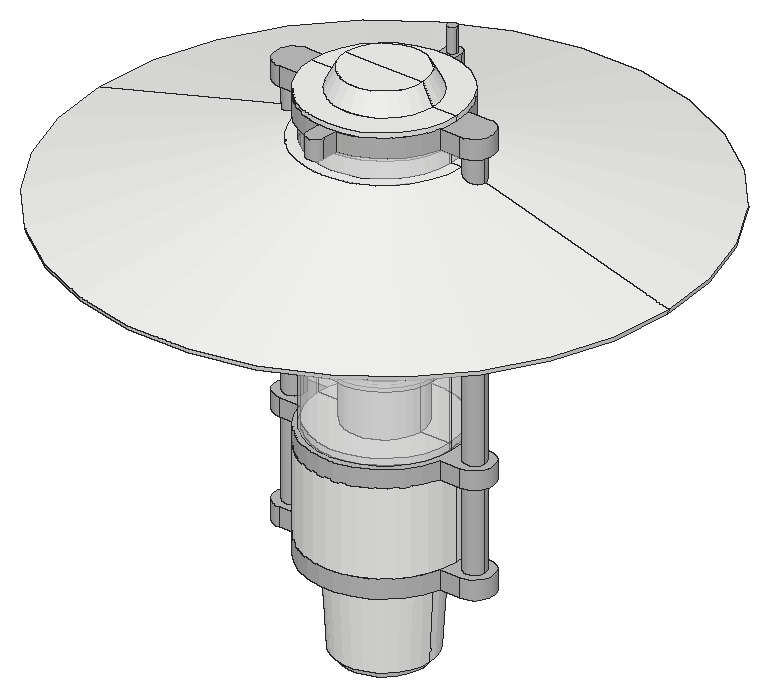
Revit family "SP1", category Lighting Fixtures, Revit 2021
Family settings
  Round Connector Dimension = Use Diameter
  Part Type = Normal
  Work Plane-Based = No
  Always vertical = Yes
  Cut with Voids When Loaded = No
  Light Source = Yes
  Shared = No
  Room Calculation Point = No
Parameters (values of type "31.5" , SP1-STR-GR5-100PSMH")
  Width Radius = Width / 2  # 1' - 3 3/4"
  Width = 2' - 7 1/2"
  Wattage Comments = "MH 100W/U/PS VENTURE"
  Wattage = 60.5889 W
  built-in parameter 1150110 = 1 (stored number, unit not read)
  Voltage = 277 V  # constant formula
  Default elevation = 0' - 0"
  Lens Type = 2
  LDL = Lens Type = 3  # no
  Hood Height = 0' - 6 1/2"
  URL = "https://www.currentlighting.com/aal"
  built-in parameter 1114217 = 1 (stored number, unit not read)
  Tilt Angle = 90.00°
  built-in parameter 1150109 = 1 (stored number, unit not read)
  built-in parameter 1150134 = (empty or 0)
  built-in parameter 1150113 = 1 (stored number, unit not read)
  Series = "Spectra"  # constant formula
  Support Material = Aluminum-Grey Satin
  Power Factor = 1  # constant formula
  Photometric Web File = "generic.ies"
  OmniClass Title = "Post-Top Lighting"  # constant formula
  OmniClass Number = "23.80.70.14.11.14"  # constant formula
  Number of Poles = 1
  Note Visible = yes
  Note Text = "LF"  # constant formula
  Model = "SP1-STR-GR5-100PSMH"
  MasterFormat Title = "Area Lighting"  # constant formula
  MasterFormat Number = "26.56.29"  # constant formula
  Manufacturer = "Architectural Area Lighting"  # constant formula
  Lumens = 9000 lm
  built-in parameter 1150115 = 1 (stored number, unit not read)
  built-in parameter 1150105 = 716.2 (stored number, unit not read)
  built-in parameter 1150137 = (empty or 0)
  built-in parameter 1150139 = (empty or 0)
  built-in parameter 1150112 = 1 (stored number, unit not read)
  built-in parameter 1150114 = 1 (stored number, unit not read)
  Lamp = "100 WATT CLEAR VERTICAL  BASE DOWN PSMH ED17/E26 "
  built-in parameter 1150132 = 2
  built-in parameter 1150102 = (empty or 0)
  built-in parameter 1150138 = (empty or 0)
  built-in parameter 1150107 = 3000 (stored number, unit not read)
  built-in parameter 1150106 = 7.162 (stored number, unit not read)
  Housing Material = Aluminum-Artic White
  Height = 2' - 5"  # constant formula
  Glazing Type = Glass-Acrylic
  GR = Lens Type = 2  # yes
  GLA = Lens Type = 1  # no
  Full Load Current = 0.73 A  # constant formula
  Frequency = 60 Hz  # constant formula
  built-in parameter 1150104 = 13.8 (stored number, unit not read)
  Dimming Lamp Color Temperature Shift = <None>
  Description = "Exterior Lighting"  # constant formula
  Default Elevation = 0' - 0"
  Color Filter = 16777215
  built-in parameter 1114218 = 1 (stored number, unit not read)
  built-in parameter 1150133 = 10 (stored number, unit not read)
  Assembly Code = "D5020210"
  Apparent Load = 57 VA
  Absolute Lumens = 9000 lm
  AAL IES File = "SP1-STR-GR5-100PSMH.IES"
Reference planes (in)
  plane 1 "Light Source Axis (F/B)": y = 0
  plane 2: z = 14.02217
  plane 3 "Light Source Axis (L/R)": x = 0
  plane 4 "Light Source Elevation": z = 33.3555
  plane 5: z = 43.02217
  plane 6: z = 23.68884
  plane 7 "1": x = -2.75
  plane 8 "2": x = 2.75
Forms (in)
  Revolve 1, solid, material "Aluminum-Artic White" <- "Housing Material", detail levels fine
    sketch origin (0, 0, 0) x (1, 0, 0) y (0, 0, 1)
      loop
        line (0, 14.02217) -> (2.16279, 14.02217) -> (2.37066, 14.39717) -> (2.49965, 14.39717) -> (2.75633, 18.45875) -> (2.50321, 18.89717) -> (0, 18.89717) -> (0, 14.02217)
      loop
        line (0, 19.89717) -> (3.99332, 19.89717) -> (3.99332, 24.39717) -> (0, 24.39717) -> (0, 19.89717)
      loop
        line (0, 43.02217) -> (0, 41.75256) -> (4, 41.75256) -> (4, 42.00256) -> (2.66627, 42.00256) -> (2.125, 43.02217) -> (0, 43.02217)
      loop
        line (3.625, 40.73313) -> (0, 40.73313) -> (0, 40.38963) -> (3.625, 40.38963) -> (3.625, 40.73313)
      loop
        line (3.625, 25.65873) -> (0, 25.65873) -> (0, 25.31523) -> (3.625, 25.31523) -> (3.625, 25.65873)
      axis (0, 43.02217) -> (0, 14.02217)
    angle from 0 to 360
  Extrusion 2, solid, material "Aluminum-Grey Satin" <- "Support Material", detail levels fine
    sketch origin (0, 0, 14.02217) x (1, 0, 0) y (0, 1, 0)
      loop
        arc (3.87298, 1) -> (0, 4) -> (-3.87298, 1) r 4
        line (-3.87298, 1) -> (-5, 1)
        arc (-5, 1) -> (-6, 0) -> (-5, -1) r 1
        line (-5, -1) -> (-3.87298, -1)
        arc (-3.87298, -1) -> (0, -4) -> (3.87298, -1) r 4
        line (3.87298, -1) -> (5, -1)
        arc (5, -1) -> (6, 0) -> (5, 1) r 1
        line (5, 1) -> (3.87298, 1)
    from 4.875 to 5.875
  Extrusion 3, solid, material "Aluminum-Grey Satin" <- "Support Material", detail levels fine
    sketch origin (-14, 0, 14.02217) x (1, 0, 0) y (0, 1, 0)
      loop
        arc (17.87298, 1) -> (14, 4) -> (10.12702, 1) r 4
        line (10.12702, 1) -> (9, 1)
        arc (9, 1) -> (8, 0) -> (9, -1) r 1
        line (9, -1) -> (10.12702, -1)
        arc (10.12702, -1) -> (14, -4) -> (17.87298, -1) r 4
        line (17.87298, -1) -> (19, -1)
        arc (19, -1) -> (20, 0) -> (19, 1) r 1
        line (19, 1) -> (17.87298, 1)
    from 10.35557 to 11.29307
  Extrusion 4, solid, material "Aluminum-Grey Satin" <- "Support Material", detail levels fine
    sketch origin (-24, 0, 14.02217) x (1, 0, 0) y (0, 1, 0)
      loop
        arc (27.87298, 1) -> (26.63088, 3.01305) -> (24.46875, 3.97244) r 4
        line (24.46875, 3.97244) -> (24.46875, 4.749)
        arc (24.46875, 4.749) -> (24, 5.21775) -> (23.53125, 4.749) r 0.46875
        line (23.53125, 4.749) -> (23.53125, 3.97244)
        arc (23.53125, 3.97244) -> (21.36912, 3.01305) -> (20.12702, 1) r 4
        line (20.12702, 1) -> (19, 1)
        arc (19, 1) -> (18, 0) -> (19, -1) r 1
        line (19, -1) -> (20.12702, -1)
        arc (20.12702, -1) -> (21.36912, -3.01305) -> (23.53125, -3.97244) r 4
        line (23.53125, -3.97244) -> (23.53125, -4.749)
        arc (23.53125, -4.749) -> (24, -5.21775) -> (24.46875, -4.749) r 0.46875
        line (24.46875, -4.749) -> (24.46875, -3.97244)
        arc (24.46875, -3.97244) -> (26.63088, -3.01305) -> (27.87298, -1) r 4
        line (27.87298, -1) -> (29, -1)
        arc (29, -1) -> (30, 0) -> (29, 1) r 1
        line (29, 1) -> (27.87298, 1)
    from 26.71096 to 27.73039
  Extrusion 5, solid, material "Glass-Acrylic" <- "Glazing Type", detail levels medium+fine
    sketch origin (0, 0, 14.02217) x (1, 0, 0) y (0, 1, 0)
      loop
        circle (0, 0) r 3.75
      loop
        circle (0, 0) r 3.625
    from 11.29307 to 26.71096
  Extrusion 6, solid, material "Aluminum-Grey Satin" <- "Support Material", detail levels fine
    sketch origin (0, 0, 14.02217) x (1, 0, 0) y (0, 1, 0)
      loop
        circle (-4.99117, 0) r 0.55991
      loop
        circle (4.99117, 0) r 0.55991
    from 5.875 to 26.71096
  Revolve 7, solid, material "Aluminum-Artic White" <- "Housing Material"
    sketch origin (0, 0, 0) x (1, 0, 0) y (0, 0, 1)
      loop
        line (15.75, 36.52217) -> (4.31873, 39.58517) -> (3.75, 39.58517) -> (3.75, 39.33517) -> (4.28582, 39.33517) -> (15.6853, 36.28069) -> (15.75, 36.52217)
      axis (0, 39.58517) -> (0, 36.28069)
    angle from 0 to 360
  Extrusion 8, solid, material "Aluminum-Grey Satin" <- "Support Material", detail levels fine
    sketch origin (0, 0, 14.02217) x (1, 0, 0) y (0, 1, 0)
      loop
        circle (0, 4.71845) r 0.25
    from 29 to 26.625
  Revolve 9, solid, material "Aluminum-Reflector", visible <- "GLA", detail levels fine
    sketch origin (0, 0, 0) x (1, 0, 0) y (0, 0, 1)
      loop
        line (0, 25.65873) -> (3.15975, 25.65873) -> (1.5, 28.53351) -> (0, 28.53351) -> (0, 25.65873)
      axis (0, 28.53351) -> (0, 25.65873)
    angle from 0 to 360
  Revolve 10, solid, material "Glass-Acrylic", visible <- "GLA", detail levels fine
    sketch origin (0, 0, 0) x (1, 0, 0) y (0, 0, 1)
      loop
        line (1.5, 28.53351) -> (1.6233, 28.53351)
        arc (1.6233, 28.53351) -> (1.77786, 28.81826) -> (1.6233, 29.10301) r 0.33958
        arc (1.6233, 29.10301) -> (1.77786, 29.38776) -> (1.6233, 29.67251) r 0.33958
        arc (1.6233, 29.67251) -> (1.77786, 29.95726) -> (1.6233, 30.24201) r 0.33958
        arc (1.6233, 30.24201) -> (1.77786, 30.52676) -> (1.6233, 30.81151) r 0.33958
        line (1.6233, 30.81151) -> (2.7623, 32.78431) -> (2.639, 32.8555) -> (1.5, 30.8827) -> (1.5, 28.53351)
      axis (0, 32.8555) -> (0, 28.53351)
    angle from 0 to 360
  Extrusion 11, solid, material "Aluminum-Reflector", visible <- "GR", detail levels fine
    sketch origin (0, 0, 14.02217) x (1, 0, 0) y (0, 1, 0)
      loop
        circle (0, 0) r 2
    from 11.63657 to 14.51134
  Revolve 12, solid, material "Glass-Acrylic", visible <- "GR", detail levels fine
    sketch origin (0, 0, 0) x (1, 0, 0) y (0, 0, 1)
      loop
        line (2.639, 32.8555) -> (2.639, 28.53351) -> (2, 28.53351) -> (2, 28.40851) -> (2.764, 28.40851) -> (2.764, 32.8555) -> (2.639, 32.8555)
      axis (0, 32.8555) -> (0, 28.40851)
    angle from 0 to 360
  Extrusion 13, solid, material "Glass-Acrylic", visible <- "LDL", detail levels fine
    sketch origin (0, 0, 14.02217) x (1, 0, 0) y (0, 1, 0)
      loop
        circle (0, 0) r 2.75
      loop
        circle (0, 0) r 2.625
    from 11.63657 to 18.83333
  Revolve 14, solid, material "Aluminum-Artic White" <- "Housing Material", detail levels coarse+medium
    sketch origin (0, 0, 0) x (1, 0, 0) y (0, 0, 1)
      loop
        line (0, 14.02217) -> (2.75, 14.02217) -> (2.75, 18.89717) -> (6, 18.89717) -> (6, 25.31523) -> (0, 25.31523) -> (0, 14.02217)
      loop
        line (0, 41.44023) -> (6, 41.44023) -> (6, 43.02217) -> (0, 43.02217) -> (0, 41.44023)
      axis (0, 43.02217) -> (0, 14.02217)
    angle from 0 to 360
  Extrusion 15, solid, material "Aluminum-Grey Satin" <- "Support Material", detail levels coarse+medium
    sketch origin (0, 0, 14.02217) x (1, 0, 0) y (0, 1, 0)
      loop
        circle (-4.99117, 0) r 0.55991
      loop
        circle (4.99117, 0) r 0.55991
    from 11.29307 to 26.71096
  Extrusion 16, solid, material "Aluminum-Reflector", visible <- "GLA", detail levels fine
    sketch origin (0, 0, 33.3555) x (0, -1, 0) y (1, 0, 0)
      loop
        circle (0, 0) r 2.75
    from -5.1308 to -4.822
  Extrusion 17, solid, material "Aluminum-Reflector", visible <- "GLA", detail levels fine
    sketch origin (0, 0, 33.3555) x (0, -1, 0) y (1, 0, 0)
      loop
        circle (0, -2.49276) r 0.16068
      loop
        circle (0, 2.49276) r 0.16068
    from -7.69677 to -5.1308
Cuts and joins
  joined: Extrusion 2, Extrusion 3, Extrusion 4, Extrusion 6, Extrusion 8
Lines and regions (in)
  Masking region 1, detail levels coarse
    outline origin (0, 0, 14.02217) x (1, 0, 0) y (0, 1, 0)
      loop
        circle (0, 0) r 15.75
  Masking region 2, detail levels medium+fine
    outline origin (0, 0, 14.02217) x (1, 0, 0) y (0, 1, 0)
      loop
        circle (0, 0) r 15.75
  Masking region 3, detail levels coarse
    outline origin (0, 0, 0) x (1, 0, 0) y (0, 0, 1)
      loop
        line (-3.74592, 14.02217) -> (3.74592, 14.02217) -> (3.74592, 18.89717) -> (5.53914, 18.89717) -> (5.53914, 36.52217) -> (15.75, 36.52217) -> (5.53914, 38.78327) -> (5.53914, 43.02217) -> (-5.53914, 43.02217) -> (-5.53914, 38.78327) -> (-15.75, 36.52217) -> (-5.53914, 36.52217) -> (-5.53914, 18.89717) -> (-3.74592, 18.89717) -> (-3.74592, 14.02217)
  Masking region 4, detail levels medium+fine
    outline origin (0, 0, 0) x (1, 0, 0) y (0, 0, 1)
      loop
        line (-2.16279, 14.02217) -> (2.16279, 14.02217) -> (2.37066, 14.39717) -> (2.49965, 14.39717) -> (2.75633, 18.45875) -> (2.50321, 18.89717) -> (6, 18.89717) -> (6, 19.89717) -> (5.55108, 19.89717) -> (5.55108, 24.37773) -> (6, 24.37773) -> (6, 25.31523) -> (5.55108, 25.31523) -> (5.55108, 36.28069) -> (15.75, 36.28069) -> (15.75, 36.52217) -> (5.55108, 39.25496) -> (5.55108, 40.73313) -> (6, 40.73313) -> (6, 41.75256) -> (4, 41.75256) -> (4, 42.00256) -> (2.66627, 42.00256) -> (2.125, 43.02217) -> (-2.125, 43.02217) -> (-2.66627, 42.00256) -> (-4, 42.00256) -> (-4, 41.75256) -> (-6, 41.75256) -> (-6, 40.73313) -> (-5.55108, 40.73313) -> (-5.55108, 39.25496) -> (-15.75, 36.52217) -> (-15.75, 36.28069) -> (-5.55108, 36.28069) -> (-5.55108, 25.31523) -> (-6, 25.31523) -> (-6, 24.37773) -> (-5.55108, 24.37773) -> (-5.55108, 19.89717) -> (-6, 19.89717) -> (-6, 18.89717) -> (-2.50321, 18.89717) -> (-2.75633, 18.45875) -> (-2.49965, 14.39717) -> (-2.37066, 14.39717) -> (-2.16279, 14.02217)
      loop
        line (-4.43127, 40.73313) -> (-4.43127, 39.58517) -> (-3.75, 39.58517) -> (-3.75, 40.73313) -> (-4.43127, 40.73313)
      loop
        line (4.43127, 40.73313) -> (3.75, 40.73313) -> (3.75, 39.58517) -> (4.43127, 39.58517) -> (4.43127, 40.73313)
      loop
        line (-4.43127, 36.28069) -> (-4.43127, 25.31523) -> (-3.75, 25.31523) -> (-3.75, 36.28069) -> (-4.43127, 36.28069)
      loop
        line (4.43127, 36.28069) -> (3.75, 36.28069) -> (3.75, 25.31523) -> (4.43127, 25.31523) -> (4.43127, 36.28069)
      loop
        line (-4.43127, 24.37773) -> (-4.43127, 19.89717) -> (-4, 19.89717) -> (-4, 24.37773) -> (-4.43127, 24.37773)
      loop
        line (4.43127, 24.37773) -> (3.99332, 24.37773) -> (3.99332, 19.89717) -> (4.43127, 19.89717) -> (4.43127, 24.37773)
  Masking region 5, detail levels coarse
    outline origin (0, 0, 0) x (0, 1, 0) y (0, 0, 1)
      loop
        line (2.75, 14.02217) -> (2.75, 18.89717) -> (6, 18.89717) -> (6, 36.28069) -> (15.75, 36.28069) -> (6, 39.12887) -> (6, 43.02217) -> (-6, 43.02217) -> (-6, 39.12887) -> (-15.75, 36.28069) -> (-6, 36.28069) -> (-6, 18.89717) -> (-2.75, 18.89717) -> (-2.75, 14.02217) -> (2.75, 14.02217)
  Masking region 6, detail levels medium+fine
    outline origin (0, 0, 0) x (0, 1, 0) y (0, 0, 1)
      loop
        line (2.16279, 14.02217) -> (2.37066, 14.39717) -> (2.49965, 14.39717) -> (2.75633, 18.45875) -> (2.50321, 18.89717) -> (4, 18.89717) -> (4, 25.31523) -> (3.75, 25.31523) -> (3.75, 36.28069) -> (15.75, 36.28069) -> (15.75, 36.52217) -> (4.31873, 39.58517) -> (3.75, 39.58517) -> (3.75, 40.73313) -> (4.46845, 40.73313) -> (4.46845, 40.64717) -> (4.96845, 40.64717) -> (4.96845, 40.73313) -> (5.21775, 40.73313) -> (5.21775, 41.75256) -> (4.96845, 41.75256) -> (4.96845, 43.02217) -> (4.46845, 43.02217) -> (4.46845, 41.75256) -> (3.97244, 41.75256) -> (3.97244, 42.00256) -> (2.66627, 42.00256) -> (2.125, 43.02217) -> (-2.125, 43.02217) -> (-2.66627, 42.00256) -> (-3.97244, 42.00256) -> (-3.97244, 41.75256) -> (-5.21775, 41.75256) -> (-5.21775, 40.73313) -> (-3.75, 40.73313) -> (-3.75, 39.58517) -> (-4.31873, 39.58517) -> (-15.75, 36.52217) -> (-15.75, 36.28069) -> (-3.75, 36.28069) -> (-3.75, 25.31523) -> (-4, 25.31523) -> (-4, 18.89717) -> (-2.50321, 18.89717) -> (-2.75633, 18.45875) -> (-2.49965, 14.39717) -> (-2.37066, 14.39717) -> (-2.16279, 14.02217) -> (2.16279, 14.02217)
  reference lines
    curve 1: line (15.75, 0, 54.88043) -> (15.75, 0, -4.11957)
    curve 2: line (-15.75, 0, 54.88043) -> (-15.75, 0, -4.11957)
    curve 3: line (33.50872, 0, 36.52217) -> (-38.49128, 0, 36.52217)
    curve 57: circle (0, 0, 14.02217) r 1 normal (0, 0, 1)
  symbolic lines, detail levels fine
    curve 4: circle (0, 0, 14.02217) r 3.15975 normal (0, 0, 1)
    curve 5: arc (-5, 1, 14.02217) -> (-6, 0, 14.02217) -> (-5, -1, 14.02217) r 1
    curve 6: arc (-0.46875, -4.749, 14.02217) -> (0, -5.21775, 14.02217) -> (0.46875, -4.749, 14.02217) r 0.46875
    curve 7: arc (0.46875, 4.749, 14.02217) -> (0, 5.21775, 14.02217) -> (-0.46875, 4.749, 14.02217) r 0.46875
    curve 8: line (-3.87298, 1, 14.02217) -> (-5, 1, 14.02217)
    curve 9: line (-5, -1, 14.02217) -> (-3.87298, -1, 14.02217)
    curve 10: line (-0.46875, -3.97244, 14.02217) -> (-0.46875, -4.749, 14.02217)
    curve 11: line (0.46875, -4.749, 14.02217) -> (0.46875, -3.97244, 14.02217)
    curve 12: line (3.87298, -1, 14.02217) -> (5, -1, 14.02217)
    curve 13: arc (5, -1, 14.02217) -> (6, 0, 14.02217) -> (5, 1, 14.02217) r 1
    curve 14: line (5, 1, 14.02217) -> (3.87298, 1, 14.02217)
    curve 15: line (0.46875, 3.97244, 14.02217) -> (0.46875, 4.749, 14.02217)
    curve 16: line (-0.46875, 4.749, 14.02217) -> (-0.46875, 3.97244, 14.02217)
    curve 17: arc (-0.46875, 3.97244, 14.02217) -> (-2.63088, 3.01305, 14.02217) -> (-3.87298, 1, 14.02217) r 4
    curve 18: arc (3.87298, 1, 14.02217) -> (2.63088, 3.01305, 14.02217) -> (0.46875, 3.97244, 14.02217) r 4
    curve 19: arc (0.46875, -3.97244, 14.02217) -> (2.63088, -3.01305, 14.02217) -> (3.87298, -1, 14.02217) r 4
    curve 20: arc (-3.87298, -1, 14.02217) -> (-2.63088, -3.01305, 14.02217) -> (-0.46875, -3.97244, 14.02217) r 4
    curve 21: line (4, 0, 42.00256) -> (-4, 0, 42.00256)
    curve 22: line (6, 0, 41.75256) -> (-6, 0, 41.75256)
    curve 23: line (-6, 0, 40.73313) -> (6, 0, 40.73313)
    curve 24: line (4.31873, 0, 39.58517) -> (-4.31873, 0, 39.58517)
    curve 25: line (-15.75, 0, 36.28069) -> (15.75, 0, 36.28069)
    curve 26: line (6, 0, 25.31523) -> (-6, 0, 25.31523)
    curve 27: line (-6, 0, 24.37773) -> (6, 0, 24.37773)
    curve 28: line (6, 0, 19.89717) -> (-6, 0, 19.89717)
    curve 29: line (-6, 0, 18.89717) -> (6, 0, 18.89717)
    curve 30: line (-2.75633, 0, 18.45875) -> (2.75633, 0, 18.45875)
    curve 31: line (2.49965, 0, 14.39717) -> (-2.49965, 0, 14.39717)
    curve 32: line (-4.31873, 0, 39.58517) -> (-15.75, 0, 36.52217)
    curve 33: line (4.31873, 0, 39.58517) -> (15.75, 0, 36.52217)
    curve 34: line (0, 4, 42.00256) -> (0, -3.97244, 42.00256)
    curve 35: line (0, 5.21775, 41.75256) -> (0, -5.21775, 41.75256)
    curve 36: line (0, -5.21775, 40.73313) -> (0, 5.21775, 40.73313)
    curve 37: line (0, 4.31873, 39.58517) -> (0, -4.31873, 39.58517)
    curve 38: line (0, 4, 25.31523) -> (0, -4, 25.31523)
    curve 39: line (0, -4, 24.37773) -> (0, 4, 24.37773)
    curve 40: line (0, 4, 19.89717) -> (0, -4, 19.89717)
    curve 41: line (0, -4, 18.89717) -> (0, 4, 18.89717)
    curve 42: line (0, 2.49965, 14.39717) -> (0, -2.50035, 14.39717)
    curve 43: line (0, 2.75633, 18.45875) -> (0, -2.75633, 18.45875)
    curve 44: line (0, 6.93127, 36.28069) -> (0, -7.31873, 36.28069)
    curve 45: line (0, 1, 18.89717) -> (0, 1, 19.89717)
    curve 46: line (0, 1, 24.37773) -> (0, 1, 25.31523)
    curve 47: line (0, 1, 40.73313) -> (0, 1, 41.75256)
    curve 48: line (0, -1, 18.89717) -> (0, -1, 19.89717)
    curve 49: line (0, -1, 24.37773) -> (0, -1, 25.31523)
    curve 50: line (0, -1, 40.73313) -> (0, -1, 41.75256)
    curve 51: line (0, 0.55991, 19.89717) -> (0, 0.55991, 24.37773)
    curve 52: line (0, 0.55991, 25.31523) -> (0, 0.55991, 36.28069)
    curve 53: line (0, 0.55991, 39.58517) -> (0, 0.55991, 40.73313)
    curve 54: line (0, -0.55991, 19.89717) -> (0, -0.55991, 24.37773)
    curve 55: line (0, -0.55991, 25.31523) -> (0, -0.55991, 36.28069)
    curve 56: line (0, -0.55991, 39.58517) -> (0, -0.55991, 40.73313)
  symbolic lines, style "LightingFixturesHiddenLines", detail levels coarse
    curve 58: line (11.13693, -11.13693, 14.02217) -> (-11.13693, 11.13693, 14.02217)
    curve 59: line (11.13693, 11.13693, 14.02217) -> (-11.13693, -11.13693, 14.02217)
Dimensions and locks (in)
  "Height": plane 5 to plane 2
  "Width Radius": curve 2 to plane 3 "Light Source Axis (L/R)"
  "Width Radius": curve 1 to plane 3 "Light Source Axis (L/R)"
  "Hood Height": plane 5 to curve 3
  equal spacing: plane 5, plane 4 "Light Source Elevation", plane 6, plane 2
  Revolve 1 sketch curve to Revolve 1 sketch curve to Revolve 1 sketch curve to Revolve 1 sketch curve to Revolve 1 sketch curve to plane 2 = 0' - 4 1/2" locked, 0' - 1" locked, 0' - 0.43841" locked, 0' - 4.06159" locked, 0' - 0 3/8" locked
  Revolve 1 sketch curve to Revolve 1 sketch curve to Revolve 1 sketch curve to Revolve 1 sketch curve to Revolve 1 sketch curve to Revolve 1 sketch curve to Revolve 1 sketch curve to Revolve 1 sketch curve = 0' - 2.16279" locked, 0' - 0.20787" locked, 0' - 0.12899" locked, 0' - 0.00356" locked, 0' - 0.25312" locked, 0' - 1.23699" locked, 0' - 0"
  Extrusion 2 sketch curve to plane 3 "Light Source Axis (L/R)" to Extrusion 2 sketch curve = 0' - 6" locked, 0' - 6" locked
  Extrusion 2 sketch curve to Extrusion 2 sketch curve to plane 1 "Light Source Axis (F/B)" to Extrusion 2 sketch curve to Extrusion 2 sketch curve = 0' - 3" locked, 0' - 1" locked, 0' - 1" locked, 0' - 3" locked
  Extrusion 2 to Extrusion 2 to plane 2 = 0' - 1" locked, 0' - 4 7/8" locked
  Extrusion 3 to Extrusion 3 to plane 2 = 0' - 0 15/16" locked, 0' - 10.35557" locked
  plane 5 to Extrusion 4 to Extrusion 4 = 0' - 1.26961" locked, 0' - 1.01943" locked
  Extrusion 3 sketch curve to plane 3 "Light Source Axis (L/R)" to Extrusion 3 sketch curve = 0' - 6" locked, 0' - 6" locked
  Extrusion 3 sketch curve to Extrusion 3 sketch curve to plane 1 "Light Source Axis (F/B)" to Extrusion 3 sketch curve to Extrusion 3 sketch curve = 0' - 3" locked, 0' - 1" locked, 0' - 1" locked, 0' - 3" locked
  Extrusion 4 sketch curve to Extrusion 4 sketch curve to Extrusion 4 sketch curve to plane 1 "Light Source Axis (F/B)" to Extrusion 4 sketch curve to Extrusion 4 sketch curve to Extrusion 4 sketch curve = 0' - 1.21775" locked, 0' - 3" locked, 0' - 1" locked, 0' - 1" locked, 0' - 3" locked, 0' - 1.21775" locked
  Extrusion 4 sketch curve to Extrusion 4 sketch curve to plane 3 "Light Source Axis (L/R)" to Extrusion 4 sketch curve to Extrusion 4 sketch curve = 0' - 5 17/32" locked, 0' - 0 15/32" locked, 0' - 0 15/32" locked, 0' - 5 17/32" locked
  plane 5 to Revolve 1 sketch curve to Revolve 1 sketch curve = 0' - 1.01961" locked, 0' - 0 1/4" locked
  Revolve 1 sketch curve to Revolve 1 sketch curve to Revolve 1 sketch curve to Revolve 1 sketch curve = 0' - 2 1/8" locked, 0' - 0.54127" locked, 0' - 1.33373" locked
  locked: plane 5 to Extrusion 5 at 2.28904
  locked: Extrusion 5 to plane 2 at 11.29307
  locked: Revolve 1 sketch curve to Revolve 1 sketch curve at 3.625
  plane 5 to Revolve 1 sketch curve to Revolve 1 sketch curve = 0' - 2.28904" locked, 0' - 0.3435" locked
  Revolve 1 sketch curve to Revolve 1 sketch curve to plane 2 = 0' - 0.3435" locked, 0' - 11.29307" locked
  Extrusion 6 sketch curve to plane 3 "Light Source Axis (L/R)" to Extrusion 6 sketch curve = 0' - 4.99117" locked, 0' - 4.99117" locked
  locked: plane 5 to Extrusion 6 at 2.28904
  locked: Extrusion 6 to plane 2 at 5.875
  plane 5 to Revolve 7 sketch curve to Revolve 7 sketch curve = 0' - 3.437" locked, 0' - 0 1/4" locked
  locked: Revolve 7 sketch curve to Revolve 7 sketch curve at 4.31873
  locked: Revolve 7 sketch curve to Revolve 7 sketch curve at 0.25
  locked: plane 1 "Light Source Axis (F/B)" to Extrusion 8 sketch curve at 4.71845
  plane 5 to Extrusion 8 to Extrusion 8 = 0' - 0" locked, 0' - 2 3/8" locked
  Revolve 9 sketch curve to Revolve 9 sketch curve to Revolve 9 sketch curve = 0' - 1 1/2" locked, 0' - 1.65975" locked
  Revolve 9 sketch curve to Revolve 9 sketch curve to plane 6 = 0' - 2.87477" locked, 0' - 1.9699" locked
  Revolve 10 sketch curve to Revolve 10 sketch curve to Revolve 10 sketch curve to Revolve 10 sketch curve to Revolve 10 sketch curve to Revolve 10 sketch curve to Revolve 10 sketch curve to Revolve 10 sketch curve = 0' - 1 1/2" locked, 0' - 0.27786" locked, 0' - 0", 0' - 0", 0' - 0" locked, 0' - 0.86114" locked, 0' - 0.1233" locked
  Revolve 10 sketch curve to Revolve 10 sketch curve to Revolve 10 sketch curve to Revolve 10 sketch curve to Revolve 10 sketch curve to Revolve 10 sketch curve to Revolve 10 sketch curve to Revolve 10 sketch curve to plane 6 = 0' - 0.07119" locked, 0' - 1.90162" locked, 0' - 0.07119" locked, 0' - 0.5695" locked, 0' - 0.5695" locked, 0' - 0.5695" locked, 0' - 0.5695" locked, 0' - 4.84467" locked
  locked: plane 3 "Light Source Axis (L/R)" to Extrusion 11 sketch curve at 2
  Extrusion 11 to Extrusion 11 to plane 6 = 0' - 2.87477" locked, 0' - 1.9699" locked
  Revolve 12 sketch curve to Revolve 12 sketch curve to Revolve 12 sketch curve to Revolve 12 sketch curve = 0' - 2" locked, 0' - 0.639" locked, 0' - 0 1/8" locked
  Revolve 12 sketch curve to Revolve 12 sketch curve to Revolve 12 sketch curve to plane 6 = 0' - 4.322" locked, 0' - 0 1/8" locked, 0' - 4.71967" locked
  plane 3 "Light Source Axis (L/R)" to Extrusion 13 sketch curve to Extrusion 13 sketch curve = 0' - 2 5/8" locked, 0' - 0 1/8" locked
  Extrusion 13 to Extrusion 13 to plane 6 = 0' - 7.19677" locked, 0' - 1.9699" locked
  Revolve 14 sketch curve to Revolve 14 sketch curve to plane 2 = 0' - 6.41807" locked, 0' - 4 7/8" locked
  locked: plane 5 to Revolve 14 sketch curve at 1.58193
  Revolve 14 sketch curve to Revolve 14 sketch curve to Revolve 14 sketch curve = 0' - 2 3/4" locked, 0' - 3 1/4" locked
  Extrusion 15 sketch curve to plane 3 "Light Source Axis (L/R)" to Extrusion 15 sketch curve = 0' - 4.99117" locked, 0' - 4.99117" locked
  locked: plane 5 to Extrusion 15 at 2.28904
  locked: Extrusion 15 to plane 2 at 11.29307
  Masking region 3 sketch curve to plane 2 = 0' - 4 7/8"
  Masking region 3 sketch curve to Masking region 3 sketch curve to plane 3 "Light Source Axis (L/R)" to Masking region 3 sketch curve to Masking region 3 sketch curve = 0' - 1.79321", 0' - 3.74592", 0' - 3.74592", 0' - 1.79321"
  locked: plane 5 to Masking region 3 sketch curve at 4.2389  (x2)
  Masking region 4 sketch curve to Masking region 4 sketch curve to Masking region 4 sketch curve to Masking region 4 sketch curve to Masking region 4 sketch curve to Masking region 4 sketch curve to Masking region 4 sketch curve to Masking region 4 sketch curve to Masking region 4 sketch curve to Masking region 4 sketch curve to plane 3 "Light Source Axis (L/R)" to Masking region 4 sketch curve to Masking region 4 sketch curve to Masking region 4 sketch curve to Masking region 4 sketch curve to Masking region 4 sketch curve to Masking region 4 sketch curve to Masking region 4 sketch curve to Masking region 4 sketch curve to Masking region 4 sketch curve to Masking region 4 sketch curve = 0' - 1.11981", 0' - 0.43795", 0' - 0.24332", 0' - 0.99367", 0' - 0.09006", 0' - 0.16662", 0' - 0.12899", 0' - 0.20787", 0' - 0.03779", 0' - 2 1/8", 0' - 2 1/8", 0' - 0.03779", 0' - 0.20787", 0' - 0.12899", 0' - 0.16662", 0' - 0.09006", 0' - 0.99367", 0' - 0 1/4", 0' - 0.43127", 0' - 1.11981"
  locked: curve 3 to Masking region 4 sketch curve at 0.24148
  locked: Masking region 4 sketch curve to plane 2 at 4.43659  (x2)
  curve 23 to curve 22 to curve 33 to curve 21 to plane 3 "Light Source Axis (L/R)" to curve 21 to curve 32 to curve 22 to curve 23 = 0' - 0" locked, 0' - 1.68127" locked, 0' - 0.31873" locked, 0' - 4" locked, 0' - 4" locked, 0' - 0.31873" locked, 0' - 1.68127" locked, 0' - 0" locked
  curve 26 to curve 27 to plane 3 "Light Source Axis (L/R)" to curve 26 to curve 27 = 0' - 0" locked, 0' - 6" locked, 0' - 6" locked, 0' - 0" locked
  curve 29 to curve 28 to curve 30 to curve 31 to plane 3 "Light Source Axis (L/R)" to curve 31 to curve 30 to curve 28 to curve 29 = 0' - 0" locked, 0' - 3.24367" locked, 0' - 0.25668" locked, 0' - 2.49965" locked, 0' - 2.49965" locked, 0' - 0.25668" locked, 0' - 3.24367" locked, 0' - 0" locked
  "Width Radius": Masking region 5 sketch curve to plane 1 "Light Source Axis (F/B)"
  "Width Radius": plane 1 "Light Source Axis (F/B)" to Masking region 5 sketch curve
  Masking region 5 sketch curve to Masking region 5 sketch curve to plane 1 "Light Source Axis (F/B)" to Masking region 5 sketch curve to Masking region 5 sketch curve = 0' - 3 1/4" locked, 0' - 2 3/4" locked, 0' - 2 3/4" locked, 0' - 3 1/4" locked
  locked: plane 5 to Masking region 5 sketch curve at 3.8933  (x2)
  "Width Radius": plane 1 "Light Source Axis (F/B)" to Masking region 6 sketch curve
  "Width Radius": Masking region 6 sketch curve to plane 1 "Light Source Axis (F/B)"
  Masking region 6 sketch curve to Masking region 6 sketch curve to Masking region 6 sketch curve to Masking region 6 sketch curve to Masking region 6 sketch curve to Masking region 6 sketch curve to Masking region 6 sketch curve to Masking region 6 sketch curve to Masking region 6 sketch curve to Masking region 6 sketch curve to Masking region 6 sketch curve to Masking region 6 sketch curve to Masking region 6 sketch curve to Masking region 6 sketch curve to curve 2 to Masking region 6 sketch curve to Masking region 6 sketch curve to Masking region 6 sketch curve to Masking region 6 sketch curve to Masking region 6 sketch curve to Masking region 6 sketch curve to Masking region 6 sketch curve to Masking region 6 sketch curve to Masking region 6 sketch curve to Masking region 6 sketch curve to Masking region 6 sketch curve to Masking region 6 sketch curve = 0' - 0.24929" locked, 0' - 0 1/2" locked, 0' - 0.14972" locked, 0' - 0.31873" locked, 0' - 0.02756" locked, 0' - 0.22244" locked, 0' - 0.99367" locked, 0' - 0.09006" locked, 0' - 0.16305" locked, 0' - 0.00356" locked, 0' - 0.12899" locked, 0' - 0.20787" locked, 0' - 0.03779" locked, 0' - 2 1/8" locked, 0' - 2 1/8" locked, 0' - 0.03779" locked, 0' - 0.20787" locked, 0' - 0.12899" locked, 0' - 0.00356" locked, 0' - 0.16305" locked, 0' - 0.09006" locked, 0' - 0.99367" locked, 0' - 0.22244" locked, 0' - 0.02756" locked, 0' - 0.31873" locked, 0' - 0.89902" locked
  locked: Masking region 6 sketch curve to plane 2 at 4.43659  (x2)
  curve 40 to curve 41 to curve 43 to curve 42 to plane 1 "Light Source Axis (F/B)" to curve 42 to curve 43 to curve 41 to curve 40 = 0' - 0" locked, 0' - 1.24367" locked, 0' - 0.25668" locked, 0' - 2.49965" locked, 0' - 2.50035" locked, 0' - 0.25598" locked, 0' - 1.24367" locked, 0' - 0" locked
  curve 44 to curve 35 to curve 36 to curve 37 to curve 34 to plane 1 "Light Source Axis (F/B)" to curve 34 to curve 37 to curve 36 to curve 35 to curve 44 = 0' - 1.71353" locked, 0' - 0" locked, 0' - 0.89902" locked, 0' - 0.31873" locked, 0' - 4" locked, 0' - 3.97244" locked, 0' - 0.34629" locked, 0' - 0.89902" locked, 0' - 0" locked, 0' - 2.10098" locked
  equal spacing: curve 38, curve 39, plane 1 "Light Source Axis (F/B)", curve 38, curve 39
  curve 47 to plane 1 "Light Source Axis (F/B)" to curve 50 = 0' - 1" locked, 0' - 1" locked
  curve 49 to curve 46 to curve 48 to plane 2 = 0' - 0 15/16" locked, 0' - 4.48057" locked, 0' - 5 7/8" locked
  curve 53 to plane 1 "Light Source Axis (F/B)" to curve 56 = 0' - 0.55991", 0' - 0.55991"
  equal spacing: plane 5, curve 56, curve 53, curve 56
  equal spacing: curve 55, curve 52, curve 51, curve 54, curve 51, curve 54, plane 2
  equal spacing: curve 58, curve 59, curve 58
  equal spacing: curve 59, curve 58, curve 59
  "Width Radius": curve 57 to curve 58  (x2)
  "Width Radius": curve 57 to curve 59  (x2)
  "Default elevation": plane 2 to level
  locked: Extrusion 16 sketch curve to plane 3 "Light Source Axis (L/R)" at 2.75
  Extrusion 16 to Extrusion 16 to plane 6 = 0' - 0.3088" locked, 0' - 4.53587" locked
  Extrusion 17 sketch curve to plane 3 "Light Source Axis (L/R)" to Extrusion 17 sketch curve = 0' - 2.49276" locked, 0' - 2.49276" locked
  Extrusion 17 to Extrusion 17 to plane 6 = 0' - 2.56597" locked, 0' - 1.9699" locked
  "Width Radius": radius of Masking region 1 sketch curve
  "Width Radius": radius of Masking region 2 sketch curve
  locked: curve 58 to plane 1 "Light Source Axis (F/B)" (angle 45.00°)
  locked: plane 1 "Light Source Axis (F/B)" to curve 59 (angle 45.00°)
  aligned and locked: plane 3 "Light Source Axis (L/R)" to imposter light
  aligned and locked: plane 1 "Light Source Axis (F/B)" to imposter light
  aligned and locked: plane 4 "Light Source Elevation" to imposter light
  aligned and locked: plane 1 "Light Source Axis (F/B)" to nested 1
  aligned and locked: plane 3 "Light Source Axis (L/R)" to nested 1
  aligned and locked: Revolve 1 sketch curve to plane 3 "Light Source Axis (L/R)"
  aligned and locked: Revolve 1 sketch curve to Revolve 1 sketch curve  (x6)
  aligned and locked: plane 1 "Light Source Axis (F/B)" to Extrusion 2 sketch curve  (x2)
  aligned and locked: plane 3 "Light Source Axis (L/R)" to Extrusion 2 sketch curve  (x2)
  aligned and locked: Extrusion 2 sketch curve to Extrusion 2 sketch curve  (x2)
  aligned and locked: Extrusion 3 sketch curve to Extrusion 3 sketch curve  (x2)
  aligned and locked: plane 3 "Light Source Axis (L/R)" to Extrusion 3 sketch curve  (x2)
  aligned and locked: plane 1 "Light Source Axis (F/B)" to Extrusion 3 sketch curve  (x2)
  aligned and locked: Extrusion 4 sketch curve to Extrusion 4 sketch curve  (x6)
  aligned and locked: plane 3 "Light Source Axis (L/R)" to Extrusion 5 sketch curve  (x2)
  aligned and locked: plane 1 "Light Source Axis (F/B)" to Extrusion 5 sketch curve  (x2)
  aligned and locked: plane 1 "Light Source Axis (F/B)" to Extrusion 6 sketch curve  (x2)
  aligned and locked: Revolve 7 sketch curve to plane 3 "Light Source Axis (L/R)"
  aligned and locked: curve 1 to Revolve 7 sketch curve
  aligned and locked: curve 3 to Revolve 7 sketch curve
  aligned and locked: plane 3 "Light Source Axis (L/R)" to Extrusion 8 sketch curve
  aligned and locked: Revolve 9 sketch curve to plane 3 "Light Source Axis (L/R)"
  aligned and locked: Revolve 9 sketch curve to Revolve 9 sketch curve
  aligned and locked: Revolve 10 sketch curve to plane 3 "Light Source Axis (L/R)"
  aligned and locked: plane 3 "Light Source Axis (L/R)" to Extrusion 11 sketch curve
  aligned and locked: plane 1 "Light Source Axis (F/B)" to Extrusion 11 sketch curve
  aligned and locked: plane 3 "Light Source Axis (L/R)" to Extrusion 13 sketch curve  (x2)
  aligned and locked: plane 1 "Light Source Axis (F/B)" to Extrusion 13 sketch curve  (x2)
  aligned and locked: Revolve 14 sketch curve to Revolve 14 sketch curve  (x3)
  aligned and locked: plane 5 to Revolve 14 sketch curve
  aligned and locked: Revolve 14 sketch curve to plane 2
  aligned and locked: plane 1 "Light Source Axis (F/B)" to Extrusion 15 sketch curve  (x2)
  aligned and locked: plane 3 "Light Source Axis (L/R)" to Masking region 1 sketch curve
  aligned and locked: plane 1 "Light Source Axis (F/B)" to Masking region 1 sketch curve
  aligned and locked: plane 3 "Light Source Axis (L/R)" to Masking region 2 sketch curve
  aligned and locked: plane 1 "Light Source Axis (F/B)" to Masking region 2 sketch curve
  aligned and locked: curve 4 to Revolve 9
  aligned and locked: curve 5 to cut or joined group of Extrusion 2, Extrusion 3, Extrusion 4, Extrusion 6, Extrusion 8
  aligned and locked: curve 6 to cut or joined group of Extrusion 2, Extrusion 3, Extrusion 4, Extrusion 6, Extrusion 8
  aligned and locked: curve 7 to cut or joined group of Extrusion 2, Extrusion 3, Extrusion 4, Extrusion 6, Extrusion 8
  aligned and locked: curve 13 to cut or joined group of Extrusion 2, Extrusion 3, Extrusion 4, Extrusion 6, Extrusion 8
  aligned and locked: curve 17 to cut or joined group of Extrusion 2, Extrusion 3, Extrusion 4, Extrusion 6, Extrusion 8
  aligned and locked: curve 18 to cut or joined group of Extrusion 2, Extrusion 3, Extrusion 4, Extrusion 6, Extrusion 8
  aligned and locked: curve 19 to cut or joined group of Extrusion 2, Extrusion 3, Extrusion 4, Extrusion 6, Extrusion 8
  aligned and locked: curve 20 to cut or joined group of Extrusion 2, Extrusion 3, Extrusion 4, Extrusion 6, Extrusion 8
  aligned and locked: Masking region 3 sketch curve to plane 5
  aligned and locked: Masking region 3 sketch curve to plane 2
  aligned and locked: Masking region 3 sketch curve to Masking region 3 sketch curve  (x3)
  aligned and locked: curve 3 to Masking region 3 sketch curve
  aligned and locked: Masking region 3 sketch curve to curve 3
  aligned and locked: curve 2 to Masking region 3 sketch curve
  aligned and locked: curve 1 to Masking region 3 sketch curve
  aligned and locked: Masking region 4 sketch curve to Masking region 4 sketch curve  (x11)
  aligned and locked: plane 5 to Masking region 4 sketch curve
  aligned and locked: Masking region 4 sketch curve to Revolve 1  (x4)
  aligned and locked: Masking region 4 sketch curve to cut or joined group of Extrusion 2, Extrusion 3, Extrusion 4, Extrusion 6, Extrusion 8  (x12)
  aligned and locked: cut or joined group of Extrusion 2, Extrusion 3, Extrusion 4, Extrusion 6, Extrusion 8 to Masking region 4 sketch curve  (x7)
  aligned and locked: Revolve 7 to Masking region 4 sketch curve  (x2)
  aligned and locked: Masking region 4 sketch curve to Revolve 7  (x2)
  aligned and locked: Masking region 4 sketch curve to curve 2
  aligned and locked: Masking region 4 sketch curve to curve 1
  aligned and locked: Masking region 4 sketch curve to plane 2
  aligned and locked: Revolve 1 to Masking region 4 sketch curve
  aligned and locked: curve 3 to Masking region 4 sketch curve  (x2)
  aligned and locked: curve 21 to Revolve 1
  aligned and locked: curve 22 to cut or joined group of Extrusion 2, Extrusion 3, Extrusion 4, Extrusion 6, Extrusion 8
  aligned and locked: curve 23 to cut or joined group of Extrusion 2, Extrusion 3, Extrusion 4, Extrusion 6, Extrusion 8
  aligned and locked: curve 24 to Revolve 7
  aligned and locked: curve 25 to Revolve 7
  aligned and locked: curve 26 to cut or joined group of Extrusion 2, Extrusion 3, Extrusion 4, Extrusion 6, Extrusion 8
  aligned and locked: curve 27 to cut or joined group of Extrusion 2, Extrusion 3, Extrusion 4, Extrusion 6, Extrusion 8
  aligned and locked: curve 28 to cut or joined group of Extrusion 2, Extrusion 3, Extrusion 4, Extrusion 6, Extrusion 8
  aligned and locked: curve 29 to cut or joined group of Extrusion 2, Extrusion 3, Extrusion 4, Extrusion 6, Extrusion 8
  aligned and locked: curve 30 to Revolve 1
  aligned and locked: curve 31 to Revolve 1
  aligned and locked: curve 2 to curve 25
  aligned and locked: curve 2 to curve 32
  aligned and locked: curve 3 to curve 32
  aligned and locked: curve 3 to curve 33
  aligned and locked: curve 1 to curve 33
  aligned and locked: curve 1 to curve 25
  aligned and locked: Masking region 4 sketch curve to curve 32
  aligned and locked: Masking region 4 sketch curve to curve 33
  aligned and locked: Masking region 5 sketch curve to Masking region 5 sketch curve  (x2)
  aligned and locked: Revolve 14 to Masking region 5 sketch curve
  aligned and locked: Masking region 5 sketch curve to Revolve 14
  aligned and locked: Masking region 5 sketch curve to plane 2
  aligned and locked: Masking region 5 sketch curve to Revolve 7
  aligned and locked: Revolve 7 to Masking region 5 sketch curve
  aligned and locked: Masking region 5 sketch curve to plane 5
  aligned and locked: Masking region 6 sketch curve to Revolve 7  (x4)
  aligned and locked: Revolve 7 to Masking region 6 sketch curve  (x2)
  aligned and locked: plane 5 to Masking region 6 sketch curve
  aligned and locked: Masking region 6 sketch curve to plane 5
  aligned and locked: Masking region 6 sketch curve to Revolve 1  (x3)
  aligned and locked: Revolve 1 to Masking region 6 sketch curve
  aligned and locked: Masking region 6 sketch curve to cut or joined group of Extrusion 2, Extrusion 3, Extrusion 4, Extrusion 6, Extrusion 8  (x9)
  aligned and locked: cut or joined group of Extrusion 2, Extrusion 3, Extrusion 4, Extrusion 6, Extrusion 8 to Masking region 6 sketch curve  (x2)
  aligned and locked: Masking region 6 sketch curve to Masking region 6 sketch curve  (x4)
  aligned and locked: Masking region 6 sketch curve to plane 2
  aligned and locked: curve 34 to Revolve 1
  aligned and locked: curve 35 to cut or joined group of Extrusion 2, Extrusion 3, Extrusion 4, Extrusion 6, Extrusion 8
  aligned and locked: curve 37 to Revolve 7
  aligned and locked: curve 38 to cut or joined group of Extrusion 2, Extrusion 3, Extrusion 4, Extrusion 6, Extrusion 8
  aligned and locked: curve 40 to cut or joined group of Extrusion 2, Extrusion 3, Extrusion 4, Extrusion 6, Extrusion 8
  aligned and locked: curve 41 to cut or joined group of Extrusion 2, Extrusion 3, Extrusion 4, Extrusion 6, Extrusion 8
  aligned and locked: curve 42 to Revolve 1
  aligned and locked: Revolve 1 to curve 43
  aligned and locked: Revolve 7 to curve 44
  aligned and locked: curve 46 to curve 47
  aligned and locked: curve 45 to curve 47
  aligned and locked: curve 49 to curve 50
  aligned and locked: curve 48 to curve 50
  aligned and locked: cut or joined group of Extrusion 2, Extrusion 3, Extrusion 4, Extrusion 6, Extrusion 8 to curve 47
  aligned and locked: cut or joined group of Extrusion 2, Extrusion 3, Extrusion 4, Extrusion 6, Extrusion 8 to curve 48
  aligned and locked: curve 52 to curve 53
  aligned and locked: curve 51 to curve 53
  aligned and locked: curve 55 to curve 56
  aligned and locked: curve 54 to curve 56
  aligned and locked: curve 44 to curve 55
  aligned and locked: plane 1 "Light Source Axis (F/B)" to curve 57
  aligned and locked: plane 3 "Light Source Axis (L/R)" to curve 57
  aligned and locked: Revolve 1 sketch curve to plane 2
  aligned and locked: Extrusion 5 to cut or joined group of Extrusion 2, Extrusion 3, Extrusion 4, Extrusion 6, Extrusion 8
  aligned and locked: Extrusion 15 to cut or joined group of Extrusion 2, Extrusion 3, Extrusion 4, Extrusion 6, Extrusion 8
  aligned and locked: cut or joined group of Extrusion 2, Extrusion 3, Extrusion 4, Extrusion 6, Extrusion 8 to cut or joined group of Extrusion 2, Extrusion 3, Extrusion 4, Extrusion 6, Extrusion 8
  aligned and locked: Extrusion 5 to Revolve 14
  aligned and locked: curve 36 to cut or joined group of Extrusion 2, Extrusion 3, Extrusion 4, Extrusion 6, Extrusion 8
  aligned and locked: plane 3 "Light Source Axis (L/R)" to Extrusion 16 sketch curve
  aligned and locked: plane 1 "Light Source Axis (F/B)" to Extrusion 16 sketch curve
  aligned and locked: plane 1 "Light Source Axis (F/B)" to Extrusion 17 sketch curve  (x2)
Automatic sketch dimensions
  curve 3 to curve 2 = 1' - 10.74128"
  curve 1 to curve 3 = 1' - 5.75872"
  curve 2 to level = 1' - 6.14174"
  curve 1 to level = 1' - 6.14174"
  plane 5 to curve 2 = 0' - 11.85826"
  plane 5 to curve 1 = 0' - 11.85826"
  Extrusion 4 sketch curve to Extrusion 4 sketch curve = 0' - 0"  (x2)
  Extrusion 4 sketch curve to plane 1 "Light Source Axis (F/B)" = 0' - 0"
  Extrusion 4 sketch curve to plane 3 "Light Source Axis (L/R)" = 0' - 0"
  Revolve 7 sketch curve to Revolve 7 sketch curve = 0' - 0.53582"
  Revolve 7 sketch curve to level = 4' - 1"
  plane 5 to Revolve 7 sketch curve = 3' - 2.545"
  Revolve 9 sketch curve to level = 4' - 1"
  plane 5 to Revolve 9 sketch curve = 3' - 2.545"
  Revolve 10 sketch curve to Revolve 10 sketch curve = 0' - 0.06172"
  Revolve 10 sketch curve to Revolve 10 sketch curve = 0' - 0.18502"  (x2)
  Revolve 10 sketch curve to Revolve 10 sketch curve = 0' - 0"
  Revolve 10 sketch curve to level = 4' - 1"
  plane 5 to Revolve 10 sketch curve = 3' - 2.545"
  Revolve 12 sketch curve to plane 3 "Light Source Axis (L/R)" = 0' - 0"
  Revolve 12 sketch curve to level = 4' - 1"
  plane 5 to Revolve 12 sketch curve = 3' - 2.545"
  Revolve 14 sketch curve to plane 3 "Light Source Axis (L/R)" = 0' - 0"
  Revolve 14 sketch curve to Revolve 14 sketch curve = 4' - 1"
  plane 5 to Revolve 14 sketch curve = 3' - 2.545"
  Masking region 4 sketch curve to Masking region 4 sketch curve = 0' - 0.44892"  (x6)
  Masking region 4 sketch curve to Masking region 4 sketch curve = 0' - 0 1/4"  (x2)
  Masking region 4 sketch curve to Masking region 4 sketch curve = 0' - 0.25312"  (x2)
  curve 39 to curve 49 = 0' - 3"
  curve 38 to curve 39 = 0' - 0"  (x2)
  curve 46 to curve 39 = 0' - 3"
  Revolve 1 sketch curve to plane 5 = 0' - 0"
  Revolve 1 sketch curve to level = 4' - 1"
  plane 5 to Revolve 1 sketch curve = 3' - 2.545"
  radius of Extrusion 5 sketch curve = 0' - 3 3/4"
  radius of Extrusion 5 sketch curve = 0' - 3 5/8"
  radius of Extrusion 6 sketch curve = 0' - 0.55991"  (x2)
  radius of Extrusion 8 sketch curve = 0' - 0 1/4"
  radius of Extrusion 15 sketch curve = 0' - 0.55991"  (x2)
  radius of curve 57 = 0' - 1"
  radius of Extrusion 17 sketch curve = 0' - 0.16068"  (x2)
Nested families (in)
  nested 1: "Notation" at (0, 0, 25), visible <- "Note Visible", type "Notation"
Connectors (in)
  electrical at (0, 0, 14.02217), driven by "Voltage", driven by "Apparent Load", driven by "Power Factor", driven by "Number of Poles", driven by "Wattage Comments"
    settings: on Revolve 1, index 1, voltage 277 V, apparent load 57 VA, apparent load phase1 0 VA, apparent load phase2 0 VA, apparent load phase3 0 VA, power factor 1, load classification "Lighting", number of poles 1, system type 30, power factor state 0, is connector primary yes, connector utility no, sub classification motor no, connector description "MH 100W/U/PS VENTURE"
Definition of nested family "Notation"
  Parameters
    Notation = "LF"
  Reference planes (in)
    plane 1: y = 0
    plane 2: x = 0
  Text (in)
    label "Notation" at (0.02149, 0.07192, 0), shows "Notation"
